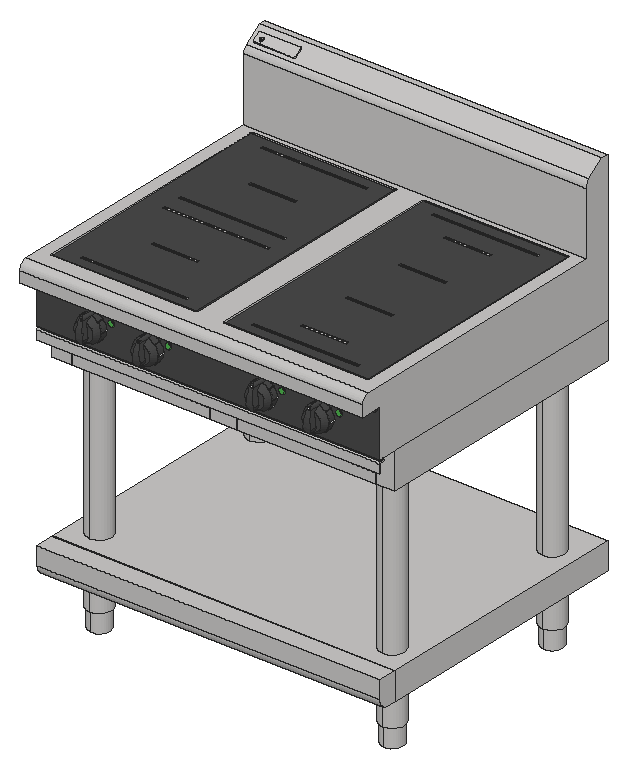
Revit family "QF_Moffat_INB8400R3F-LS_Induction_Cooktop_cat", category Specialty Equipment, Revit 2019 (continued)
Definition of nested family "QF_LOGO_Waldorf"
  Lines and regions (mm)
    Split face 7
      outline origin (0, -1.881, 2.589) x (1, 0, 0) y (0, 0.809017, 0.587785)
        loop
          spline (76.449, 5.305) -> (77.855, 5.457) -> (79.166, 5.901) -> (80.291, 6.607) -> (81.155, 7.527) -> (81.698, 8.599) -> (81.883, 9.749) -> (81.698, 10.899) -> (81.155, 11.97) -> (80.291, 12.891) -> (79.166, 13.597) -> (77.855, 14.041) -> (76.449, 14.192)
          spline (76.449, 14.192) -> (75.042, 14.041) -> (73.731, 13.597) -> (72.606, 12.891) -> (71.742, 11.97) -> (71.199, 10.899) -> (71.014, 9.749) -> (71.199, 8.599) -> (71.742, 7.527) -> (72.606, 6.607) -> (73.731, 5.901) -> (75.042, 5.457) -> (76.449, 5.305)
    Split face 8
      outline origin (0, -1.881, 2.589) x (1, 0, 0) y (0, 0.809017, 0.587785)
        loop
          spline (76.449, 7.654) -> (76.841, 7.725) -> (77.206, 7.934) -> (77.52, 8.267) -> (77.76, 8.701) -> (77.912, 9.206) -> (77.963, 9.749) -> (77.912, 10.291) -> (77.76, 10.796) -> (77.52, 11.23) -> (77.206, 11.563) -> (76.841, 11.772) -> (76.449, 11.843)
          spline (76.449, 11.843) -> (76.057, 11.772) -> (75.691, 11.563) -> (75.378, 11.23) -> (75.137, 10.796) -> (74.986, 10.291) -> (74.934, 9.749) -> (74.986, 9.206) -> (75.137, 8.701) -> (75.378, 8.267) -> (75.691, 7.934) -> (76.057, 7.725) -> (76.449, 7.654)
    Split face 9
      outline origin (0, -1.881, 2.589) x (1, 0, 0) y (0, 0.809017, 0.587785)
        loop
          line (86.998, 12.335) -> (86.998, 13.879) -> (83.479, 13.879) -> (83.479, 5.728) -> (87.312, 5.728) -> (87.312, 8.975)
          spline (87.312, 8.975) -> (87.364, 9.356) -> (87.458, 9.686) -> (87.594, 9.968) -> (87.769, 10.204) -> (87.982, 10.398) -> (88.229, 10.55) -> (88.509, 10.666) -> (88.82, 10.746) -> (89.16, 10.794) -> (89.525, 10.812) -> (89.915, 10.803) -> (90.327, 10.77)
          line (90.327, 10.77) -> (90.327, 14.113)
          spline (90.327, 14.113) -> (89.929, 14.127) -> (89.552, 14.111) -> (89.197, 14.066) -> (88.865, 13.991) -> (88.554, 13.887) -> (88.266, 13.754) -> (87.999, 13.591) -> (87.755, 13.399) -> (87.532, 13.177) -> (87.332, 12.926) -> (87.154, 12.645) -> (86.998, 12.335)
    Split face 10
      outline origin (0, -1.881, 2.589) x (1, 0, 0) y (0, 0.809017, 0.587785)
        loop
          line (92.082, 13.879) -> (90.894, 13.879) -> (90.894, 11.972) -> (92.082, 11.972) -> (92.082, 5.728) -> (95.871, 5.728) -> (95.871, 11.972) -> (97.5, 11.972) -> (97.5, 13.879) -> (95.871, 13.879)
          spline (95.871, 13.879) -> (95.843, 14.088) -> (95.845, 14.278) -> (95.877, 14.447) -> (95.939, 14.596) -> (96.03, 14.726) -> (96.151, 14.835) -> (96.301, 14.925) -> (96.482, 14.995) -> (96.692, 15.045) -> (96.931, 15.075) -> (97.201, 15.085) -> (97.5, 15.076)
          line (97.5, 15.076) -> (97.5, 17.266) -> (95.367, 17.266)
          spline (95.367, 17.266) -> (94.982, 17.253) -> (94.58, 17.21) -> (94.174, 17.132) -> (93.774, 17.013) -> (93.39, 16.846) -> (93.034, 16.627) -> (92.717, 16.349) -> (92.448, 16.007) -> (92.24, 15.595) -> (92.102, 15.106) -> (92.046, 14.537) -> (92.082, 13.879)
  Dimensions and locks
    equal spacing: plane 3 "LEFT", plane 7 "Center Y", plane 4 "RIGHT"
    "Length": plane 3 "LEFT" to plane 4 "RIGHT"
    equal spacing: plane 5 "FRONT", plane 8 "Center X", plane 1 "BACK"
    "Depth": plane 5 "FRONT" to plane 1 "BACK"
    "Height": plane 6 "TOP" to level
    plane 4 "RIGHT" to plane 3 "LEFT" = 138 mm
    aligned and locked: level to plane 2
  Automatic sketch dimensions
    Extrusion 1 sketch curve to plane 3 "LEFT" = 0 mm
    plane 3 "LEFT" to Extrusion 1 sketch curve = 4 mm  (x2)
    Extrusion 1 sketch curve to Extrusion 1 sketch curve = 10.75 mm
    Extrusion 1 sketch curve to Extrusion 1 sketch curve = 0.5 mm
    plane 4 "RIGHT" to Extrusion 1 sketch curve = 33 mm
    Extrusion 1 sketch curve to Extrusion 1 sketch curve = 0 mm  (x3)
    Extrusion 1 sketch curve to Extrusion 1 sketch curve = 4 mm
    Extrusion 1 sketch curve to Extrusion 1 sketch curve = 3.464 mm  (x3)
    Extrusion 1 sketch curve to Extrusion 1 sketch curve = 3.541 mm
    Extrusion 1 sketch curve to Extrusion 1 sketch curve = 4.325 mm
    Extrusion 1 sketch curve to Extrusion 1 sketch curve = 19.783 mm
    Extrusion 1 sketch curve to Extrusion 1 sketch curve = 7.592 mm
    plane 3 "LEFT" to Extrusion 2 sketch curve = 15.25 mm
    Extrusion 2 sketch curve to Extrusion 2 sketch curve = 4.325 mm
    plane 3 "LEFT" to Extrusion 3 sketch curve = 14.75 mm
    Extrusion 3 sketch curve to Extrusion 3 sketch curve = 4.325 mm
    Extrusion 1 to Split face 1 sketch curve = 6.879 mm
    Split face 1 sketch curve to Extrusion 1 = 5.728 mm
    Split face 1 sketch curve to Split face 1 sketch curve = 3.132 mm
    Split face 1 sketch curve to Split face 1 sketch curve = 4.068 mm
    Split face 1 sketch curve to Split face 1 sketch curve = 3.051 mm
    Split face 1 sketch curve to Split face 1 sketch curve = 4.203 mm
    Split face 1 sketch curve to Split face 1 sketch curve = 2.916 mm
    Split face 1 sketch curve to Split face 1 sketch curve = 3.456 mm
    Split face 1 sketch curve to Split face 1 sketch curve = 2.934 mm
    Split face 1 sketch curve to Split face 1 sketch curve = 4.131 mm
    Split face 1 sketch curve to Split face 1 sketch curve = 3.96 mm
    Split face 1 sketch curve to Split face 1 sketch curve = 0 mm  (x2)
    Split face 1 sketch curve to Extrusion 1 = 9.736 mm  (x2)
    Extrusion 1 to Split face 1 sketch curve = 6.337 mm
    Extrusion 1 to Split face 1 sketch curve = 6.231 mm
    Extrusion 1 to Split face 1 sketch curve = 3.184 mm
    Extrusion 1 to Split face 1 sketch curve = 13.135 mm
    Split face 1 sketch curve to Split face 1 sketch curve = 4.652 mm
    Split face 1 sketch curve to Split face 1 sketch curve = 3.593 mm
    Split face 1 sketch curve to Split face 1 sketch curve = 1.863 mm
    Split face 1 sketch curve to Split face 1 sketch curve = 0.713 mm
    Split face 1 sketch curve to Split face 1 sketch curve = 2.684 mm
    Split face 1 sketch curve to Split face 1 sketch curve = 3.294 mm
    Split face 1 sketch curve to Split face 1 sketch curve = 0.459 mm
    Split face 1 sketch curve to Split face 1 sketch curve = 2.775 mm
    Split face 1 sketch curve to Split face 1 sketch curve = 1.89 mm
    Split face 1 sketch curve to Split face 1 sketch curve = 0.685 mm
    Split face 1 sketch curve to Split face 1 sketch curve = 9.486 mm
    Split face 1 sketch curve to Split face 1 sketch curve = 16.213 mm
    Split face 1 sketch curve to Split face 1 sketch curve = 3.48 mm
    Split face 1 sketch curve to Split face 1 sketch curve = 4.918 mm
    Split face 1 sketch curve to Split face 1 sketch curve = 7.609 mm
    Split face 1 sketch curve to Split face 1 sketch curve = 0.01 mm  (x2)
    Split face 1 sketch curve to Split face 1 sketch curve = 0.002 mm
    Split face 2 sketch curve to Extrusion 1 = 11.169 mm
    Extrusion 1 to Split face 2 sketch curve = 25.647 mm
    Split face 2 sketch curve to Split face 2 sketch curve = 3.72 mm
    Split face 2 sketch curve to Extrusion 1 = 11.965 mm
    Split face 2 sketch curve to Split face 2 sketch curve = 0.371 mm
    Split face 2 sketch curve to Extrusion 1 = 6.602 mm
    Split face 2 sketch curve to Split face 2 sketch curve = 2.689 mm
    Split face 2 sketch curve to Split face 2 sketch curve = 0.318 mm
    Split face 2 sketch curve to Split face 2 sketch curve = 3.729 mm
    Split face 2 sketch curve to Split face 2 sketch curve = 0.414 mm
    Split face 2 sketch curve to Split face 2 sketch curve = 0.875 mm
    Split face 2 sketch curve to Split face 2 sketch curve = 0.878 mm
    Split face 3 sketch curve to Extrusion 1 = 8.597 mm
    Extrusion 1 to Split face 3 sketch curve = 29.688 mm
    Split face 3 sketch curve to Extrusion 1 = 9.264 mm
    Split face 3 sketch curve to Split face 3 sketch curve = 2.326 mm
    Split face 4 sketch curve to Extrusion 1 = 5.728 mm
    Extrusion 1 to Split face 4 sketch curve = 38.08 mm
    Split face 4 sketch curve to Split face 4 sketch curve = 3.843 mm
    Split face 4 sketch curve to Extrusion 1 = 9.736 mm
    Split face 5 sketch curve to Extrusion 1 = 9.736 mm
    Split face 5 sketch curve to Extrusion 1 = 43.205 mm
    Split face 5 sketch curve to Extrusion 1 = 6.679 mm
    Split face 5 sketch curve to Split face 5 sketch curve = 0.342 mm
    Split face 5 sketch curve to Split face 5 sketch curve = 3.375 mm
    Split face 5 sketch curve to Split face 5 sketch curve = 0.952 mm
    Split face 5 sketch curve to Split face 5 sketch curve = 3.998 mm
    Split face 6 sketch curve to Extrusion 1 = 7.499 mm
    Split face 6 sketch curve to Extrusion 1 = 44.727 mm
    Split face 6 sketch curve to Split face 6 sketch curve = 2.07 mm
    Split face 7 sketch curve to Extrusion 1 = 5.305 mm
    Split face 7 sketch curve to Extrusion 1 = 32.551 mm
    Split face 7 sketch curve to Split face 7 sketch curve = 4.443 mm
    Split face 8 sketch curve to Extrusion 1 = 7.654 mm
    Split face 8 sketch curve to Extrusion 1 = 32.551 mm
    Split face 8 sketch curve to Split face 8 sketch curve = 2.095 mm
    Split face 9 sketch curve to Extrusion 1 = 5.728 mm
    Split face 9 sketch curve to Extrusion 1 = 25.521 mm
    Split face 9 sketch curve to Split face 9 sketch curve = 3.519 mm
    Split face 9 sketch curve to Split face 9 sketch curve = 0.315 mm
    Split face 9 sketch curve to Split face 9 sketch curve = 3.33 mm
    Split face 9 sketch curve to Split face 9 sketch curve = 3.248 mm
    Split face 9 sketch curve to Split face 9 sketch curve = 1.795 mm
    Split face 9 sketch curve to Split face 9 sketch curve = 3.36 mm
    Split face 9 sketch curve to Split face 9 sketch curve = 1.545 mm
    Split face 9 sketch curve to Split face 9 sketch curve = 0.233 mm
    Split face 10 sketch curve to Extrusion 1 = 18.106 mm
    Split face 10 sketch curve to Split face 10 sketch curve = 1.188 mm  (x2)
    Split face 10 sketch curve to Split face 10 sketch curve = 3.285 mm
    Split face 10 sketch curve to Split face 10 sketch curve = 3.789 mm
    Split face 10 sketch curve to Split face 10 sketch curve = 0 mm  (x2)
    Split face 10 sketch curve to Split face 10 sketch curve = 1.629 mm
    Split face 10 sketch curve to Split face 10 sketch curve = 2.133 mm
    Split face 10 sketch curve to Extrusion 1 = 5.728 mm
    Split face 10 sketch curve to Split face 10 sketch curve = 6.245 mm
    Split face 10 sketch curve to Split face 10 sketch curve = 1.907 mm  (x2)
    Split face 10 sketch curve to Split face 10 sketch curve = 1.197 mm
    Split face 10 sketch curve to Split face 10 sketch curve = 2.19 mm
Definition of nested family "Knob"
  Parameters (values of type "Knob")
    Weight in Pounds = 0
    URL Cutsheet = ""
    Specification by User = ""
    Specification by Manufacturer = ""
    Serial Number = ""
    Seismic Rating = ""
    SMACNA No = ""
    Revision Code = ""
    NAFEM Spec ID Number = ""
    Masterspec = ""
    Length = 65 mm
    Item Number = ""
    Installed By = ""
    Identify Quantity as Lot = yes
    Height = 69.5 mm
    Furnished By = ""
    Foodservice Equipment Identifier = yes
    Depth = 59 mm
    CSI MasterFormat = ""
  Reference planes
    plane 1 "BACK": y = 0
    plane 2: z = 0
    plane 3 "LEFT": x = 0
    plane 4 "RIGHT": x = 65
    plane 5 "FRONT": y = -59
    plane 6 "TOP": z = 69.5
    plane 7 "Center Y": x = 32.5
    plane 8 "Center X": y = -29.5
  Forms (mm)
    Revolve 1, solid
      sketch origin (32.5, 175.397, 1219.2) x (0, 1, 0) y (0, 0, 1)
        loop
          line (-175.397, -1186.7) -> (-219.397, -1186.7) -> (-219.397, -1211.501) -> (-202.106, -1219.2) -> (-185.397, -1219.2) -> (-185.397, -1191.7) -> (-175.397, -1191.7) -> (-175.397, -1186.7)
        axis (-219.397, -1186.7) -> (-175.397, -1186.7)
      angle from 0 to 360
    Extrusion 2, solid
      sketch origin (32.5, 175.397, 1219.2) x (0, 1, 0) y (0, 0, 1)
        loop
          line (-202.106, -1154.2) -> (-185.397, -1154.2) -> (-185.397, -1149.7) -> (-224.105, -1149.7)
          arc (-224.105, -1149.7) -> (-233.965, -1178.467) -> (-230.696, -1208.7) r 70
          line (-230.696, -1208.7) -> (-219.397, -1208.7) -> (-219.397, -1161.899) -> (-202.106, -1154.2)
      from -15 to 15
    Extrusion 3, void
      sketch origin (0, 0, 0) x (1, 0, 0) y (0, 0, 1)
        loop
          line (27.501, 64.613) -> (22.02, 20.585)
          arc (22.02, 20.585) -> (32.792, 10.488) -> (42.986, 21.169) r 10.487
          line (42.986, 21.169) -> (37.499, 64.613)
          arc (37.499, 64.613) -> (32.5, 69.5) -> (27.501, 64.613) r 5
        loop
          line (10, 72.977) -> (10, 5.625) -> (55, 5.625) -> (55, 72.977) -> (10, 72.977)
      from 6.142 to 69.687
    Extrusion 4, solid
      sketch origin (0, -34.115, -16.916) x (1, 0, 0) y (0, 0.45399, 0.891007)
        loop
          circle (32.497, 65) r 2
      from 51.525 to 53.075
    Extrusion 5, solid
      sketch origin (32.5, -10, 32.5) x (0, 0, -1) y (-1, 0, 0)
        loop
          line (-23.54, -22.408) -> (-24.106, -22.974)
          arc (-24.106, -22.974) -> (-23.547, -23.547) -> (-22.974, -24.106) r 33.3
          line (-22.974, -24.106) -> (-22.408, -23.54)
          arc (-22.408, -23.54) -> (-22.981, -22.981) -> (-23.54, -22.408) r 32.5
        loop
          arc (-0.8, -33.29) -> (0, -33.3) -> (0.8, -33.29) r 33.3
          line (0.8, -33.29) -> (0.8, -32.49)
          arc (0.8, -32.49) -> (0, -32.5) -> (-0.8, -32.49) r 32.5
          line (-0.8, -32.49) -> (-0.8, -33.29)
        loop
          arc (23.54, -22.408) -> (22.981, -22.981) -> (22.408, -23.54) r 32.5
          line (22.408, -23.54) -> (22.974, -24.106)
          arc (22.974, -24.106) -> (23.547, -23.547) -> (24.106, -22.974) r 33.3
          line (24.106, -22.974) -> (23.54, -22.408)
        loop
          arc (-23.54, 22.408) -> (-22.981, 22.981) -> (-22.408, 23.54) r 32.5
          line (-22.408, 23.54) -> (-22.974, 24.106)
          arc (-22.974, 24.106) -> (-23.547, 23.547) -> (-24.106, 22.974) r 33.3
          line (-24.106, 22.974) -> (-23.54, 22.408)
        loop
          line (-0.8, 33.29) -> (-0.8, 32.49)
          arc (-0.8, 32.49) -> (0, 32.5) -> (0.8, 32.49) r 32.5
          line (0.8, 32.49) -> (0.8, 33.29)
          arc (0.8, 33.29) -> (0, 33.3) -> (-0.8, 33.29) r 33.3
        loop
          line (32.49, -0.8) -> (33.29, -0.8)
          arc (33.29, -0.8) -> (33.3, 0) -> (33.29, 0.8) r 33.3
          line (33.29, 0.8) -> (32.49, 0.8)
          arc (32.49, 0.8) -> (32.5, 0) -> (32.49, -0.8) r 32.5
        loop
          arc (24.106, 22.974) -> (23.547, 23.547) -> (22.974, 24.106) r 33.3
          line (22.974, 24.106) -> (22.408, 23.54)
          arc (22.408, 23.54) -> (22.981, 22.981) -> (23.54, 22.408) r 32.5
          line (23.54, 22.408) -> (24.106, 22.974)
      from 0 to -16.709
  Cuts and joins
    Extrusion 3 cuts Extrusion 2
  Dimensions and locks
    equal spacing: plane 3 "LEFT", plane 7 "Center Y", plane 4 "RIGHT"
    "Length": plane 3 "LEFT" to plane 4 "RIGHT"
    equal spacing: plane 5 "FRONT", plane 8 "Center X", plane 1 "BACK"
    "Depth": plane 5 "FRONT" to plane 1 "BACK"
    "Height": plane 6 "TOP" to level
    plane 4 "RIGHT" to plane 3 "LEFT" = 65 mm
    aligned and locked: level to plane 2
  Automatic sketch dimensions
    Revolve 1 sketch curve to level = 0 mm
    Revolve 1 sketch curve to plane 1 "BACK" = 0 mm  (x2)
    plane 1 "BACK" to Revolve 1 sketch curve = 10 mm
    plane 8 "Center X" to Revolve 1 sketch curve = 2.791 mm
    Revolve 1 sketch curve to plane 8 "Center X" = 14.5 mm
    level to Revolve 1 sketch curve = 7.699 mm
    level to Revolve 1 sketch curve = 27.5 mm
    Revolve 1 sketch curve to Revolve 1 sketch curve = 5 mm
    Revolve 1 sketch curve to Revolve 1 sketch curve = 35 mm
    Revolve 1 sketch curve to Revolve 1 sketch curve = 0 mm
    Extrusion 2 sketch curve to plane 6 "TOP" = 0 mm
    Extrusion 2 sketch curve to plane 5 "FRONT" = 3.702 mm
    Extrusion 2 sketch curve to plane 5 "FRONT" = 10.293 mm
    Extrusion 2 sketch curve to Extrusion 2 sketch curve = 11.298 mm
    plane 8 "Center X" to Extrusion 2 sketch curve = 2.791 mm
    plane 1 "BACK" to Extrusion 2 sketch curve = 10 mm
    Extrusion 2 sketch curve to plane 1 "BACK" = 11 mm
    Extrusion 2 sketch curve to plane 6 "TOP" = 4.5 mm
    Extrusion 2 sketch curve to plane 6 "TOP" = 12.199 mm
    level to Extrusion 2 sketch curve = 32.962 mm
    level to Extrusion 3 sketch curve = 5.625 mm
    Extrusion 3 sketch curve to plane 7 "Center Y" = 0 mm  (x2)
    Extrusion 3 sketch curve to plane 7 "Center Y" = 4.999 mm
    Extrusion 3 sketch curve to plane 7 "Center Y" = 10.48 mm
    plane 6 "TOP" to Extrusion 3 sketch curve = 3.477 mm
    plane 3 "LEFT" to Extrusion 3 sketch curve = 10 mm
    Extrusion 3 sketch curve to plane 6 "TOP" = 4.887 mm
    Extrusion 3 sketch curve to Extrusion 3 sketch curve = 4.999 mm
    plane 7 "Center Y" to Extrusion 3 sketch curve = 10.486 mm
    level to Extrusion 3 sketch curve = 20.585 mm
    Extrusion 3 sketch curve to Extrusion 3 sketch curve = 0.387 mm
    Extrusion 3 sketch curve to Extrusion 3 sketch curve = 0.113 mm
    plane 4 "RIGHT" to Extrusion 3 sketch curve = 10 mm
    Extrusion 5 sketch curve to Revolve 1 = 32.49 mm
    Revolve 1 to Extrusion 5 sketch curve = 32.49 mm
    Extrusion 5 sketch curve to Revolve 1 = 23.54 mm  (x2)
    Revolve 1 to Extrusion 5 sketch curve = 23.54 mm  (x2)
    Extrusion 5 sketch curve to Revolve 1 = 24.106 mm  (x2)
    Revolve 1 to Extrusion 5 sketch curve = 24.106 mm  (x2)
    Revolve 1 to Extrusion 5 sketch curve = 22.408 mm  (x2)
    Extrusion 5 sketch curve to Revolve 1 = 22.408 mm  (x2)
    Revolve 1 to Extrusion 5 sketch curve = 22.974 mm  (x2)
    Extrusion 5 sketch curve to Revolve 1 = 22.974 mm  (x2)
    Extrusion 5 sketch curve to Extrusion 5 sketch curve = 1.6 mm  (x2)
    Revolve 1 to Extrusion 5 sketch curve = 0.8 mm
    Extrusion 5 sketch curve to Revolve 1 = 0.8 mm
    Extrusion 4 sketch curve to plane 7 "Center Y" = 0.003 mm
    radius of Extrusion 5 sketch curve to Revolve 1 = 0 mm  (x7)
    radius of Revolve 1 to Extrusion 5 sketch curve = 0.8 mm  (x7)
    radius of Extrusion 4 sketch curve = 2 mm
Types (2, lengths in mm): name | Volts | Cycle | Apparent Power
  INB8400R3F-LS_415/60/3 | 415 V | 60 Hz | 17230.8 VA
  INB8400R3F-LS_400/50/3 | 400 V | 50 Hz | 16608 VA
